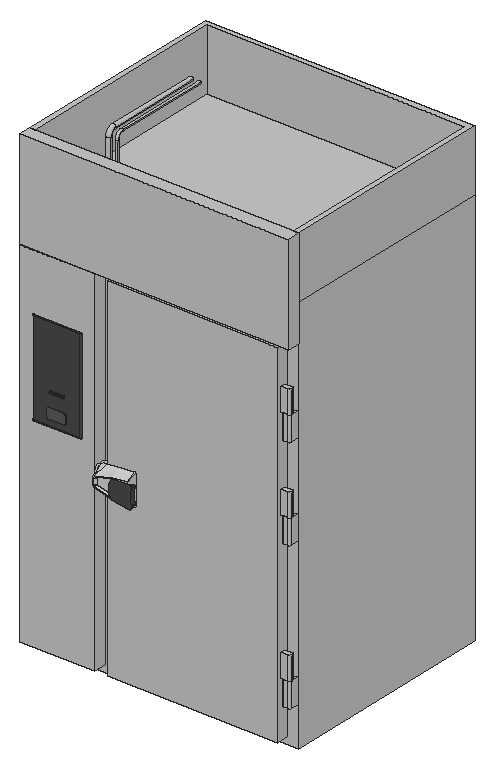
Revit family "QF_ALPENINOX_729263_ABFA22RE", category Specialty Equipment, Revit 2018 (continued)
Definition of nested family "ALP_Logo_XS"
  Forms (mm)
    Extrusion 2, solid
      sketch origin (17.793, -46.218, 0) x (-1, 0, 0) y (0, -1, 0)
        loop
          spline (-2.325, -46.214) -> (-2.366, -45.497) -> (-2.487, -44.812) -> (-2.684, -44.166) -> (-2.953, -43.564) -> (-3.29, -43.011) -> (-3.692, -42.514) -> (-4.154, -42.078) -> (-4.672, -41.709) -> (-5.243, -41.411) -> (-5.862, -41.192) -> (-6.527, -41.056) -> (-7.232, -41.01)
        loop
          spline (-7.232, -42.962) -> (-7.665, -42.993) -> (-8.059, -43.083) -> (-8.414, -43.227) -> (-8.731, -43.422) -> (-9.01, -43.661) -> (-9.251, -43.941) -> (-9.454, -44.257) -> (-9.62, -44.605) -> (-9.748, -44.979) -> (-9.839, -45.374) -> (-9.894, -45.788) -> (-9.912, -46.214)
          spline (-9.912, -46.214) -> (-9.894, -46.637) -> (-9.837, -47.049) -> (-9.744, -47.444) -> (-9.614, -47.818) -> (-9.446, -48.165) -> (-9.241, -48.482) -> (-8.998, -48.763) -> (-8.719, -49.003) -> (-8.403, -49.198) -> (-8.049, -49.344) -> (-7.659, -49.434) -> (-7.232, -49.466)
          spline (-7.232, -49.466) -> (-6.804, -49.434) -> (-6.414, -49.344) -> (-6.06, -49.198) -> (-5.743, -49.003) -> (-5.464, -48.763) -> (-5.222, -48.482) -> (-5.017, -48.165) -> (-4.849, -47.818) -> (-4.718, -47.444) -> (-4.625, -47.049) -> (-4.568, -46.637) -> (-4.55, -46.214)
          spline (-4.55, -46.214) -> (-4.568, -45.788) -> (-4.623, -45.374) -> (-4.714, -44.979) -> (-4.842, -44.605) -> (-5.008, -44.257) -> (-5.211, -43.941) -> (-5.452, -43.661) -> (-5.731, -43.422) -> (-6.048, -43.227) -> (-6.404, -43.083) -> (-6.798, -42.993) -> (-7.232, -42.962)
        loop
          arc (-12.168, -42.806) -> (-12.411, -41.323) -> (-13.895, -41.561) r 1.064
          line (-13.895, -41.561) -> (-16.234, -44.786) -> (-18.574, -41.561)
          arc (-18.574, -41.561) -> (-20.072, -41.304) -> (-20.3, -42.806) r 1.064
          line (-20.3, -42.806) -> (-17.477, -46.566) -> (-19.787, -49.678)
          arc (-19.787, -49.678) -> (-19.432, -51.089) -> (-18.004, -50.81) r 1.057
          line (-18.004, -50.81) -> (-16.234, -48.321) -> (-14.389, -50.918)
          arc (-14.389, -50.918) -> (-12.91, -51.16) -> (-12.683, -49.678) r 1.055
          line (-12.683, -49.678) -> (-14.994, -46.566) -> (-12.168, -42.806)
      from 0 to 1.644
  Dimensions and locks
    aligned and locked: plane 2 to Extrusion 1
    aligned and locked: level to Extrusion 1
Types (2, lengths in mm): name | URL | Phase | Model | Manufacturer | Description
  (no name) | 0 | 0 | 0 | 0 | 0
  QF_ALPENINOX_729263_ABFA22RE.rfa | "http://www.alpeninox.com" | 3 | "ABFA22RE" | "Alpeninox" | "CRIO CHILL BLAST CHILLER FREEZER 200/170KG 20 GN 2/1 - REMOTE REFRIGERATING UNIT"
